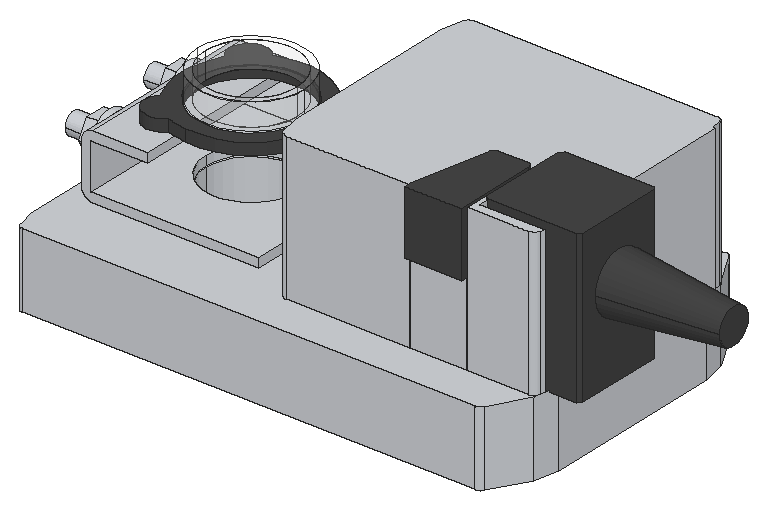
Revit family "ダンパ操作器_ver2019", category ダクト付属品, Revit 2019
Family settings
  丸型コネクタ寸法 = 直径を使用
  パーツ タイプ = アタッチ
  作業面ベース = いいえ
  常に垂直 = はい
  ロード時にボイドで切り取り = いいえ
  共有 = いいえ
Parameters
  直径 [instance] = 10 mm
  ダクトφ [instance] = 25.998 mm
Reference planes
  plane 1 "中心(正面/背面)": y = 0
  plane 2: z = 0
  plane 3 "中心(左/右)": x = 0
Forms (mm)
  Extrusion 1, solid
    sketch origin (0, 0, 0) x (1, 0, 0) y (0, 1, 0)
      loop
        line (99.773, 44.001) -> (-26.936, 44.001)
        arc (-26.936, 44.001) -> (-28.194, 43.556) -> (-28.892, 42.419) r 1.998
        line (-28.892, 42.419) -> (-30, 37.202) -> (-30, -37.198) -> (-28.892, -42.414)
        arc (-28.892, -42.414) -> (-28.428, -43.534) -> (-27.308, -43.998) r 1.584
        line (-27.308, -43.998) -> (99.693, -43.998)
        arc (99.693, -43.998) -> (100.892, -43.676) -> (101.771, -42.798) r 2.399
        line (101.771, -42.798) -> (107.554, -32.781) -> (109.005, -25.953) -> (109.005, 25.958) -> (107.554, 32.785) -> (101.771, 42.803)
        arc (101.771, 42.803) -> (100.927, 43.66) -> (99.773, 44.001) r 2.399
    from 0 to 21
  Extrusion 2, solid
    sketch origin (0, 250.898, 0) x (1, 0, 0) y (0, 1, 0)
      loop
        line (105.888, -217.394) -> (37.647, -217.394)
        arc (37.647, -217.394) -> (36.389, -217.839) -> (35.692, -218.977) r 1.999
        line (35.692, -218.977) -> (34.406, -225.023) -> (34.406, -275.754) -> (35.692, -281.8)
        arc (35.692, -281.8) -> (36.389, -282.938) -> (37.647, -283.383) r 1.999
        line (37.647, -283.383) -> (72.327, -283.383) -> (76.964, -261.569)
        arc (76.964, -261.569) -> (77.662, -260.433) -> (78.92, -259.988) r 2
        line (78.92, -259.988) -> (86.4, -259.988)
        arc (86.4, -259.988) -> (87.814, -260.574) -> (88.4, -261.988) r 2
        line (88.4, -261.988) -> (88.4, -283.383) -> (105.888, -283.383)
        arc (105.888, -283.383) -> (107.146, -282.938) -> (107.844, -281.8) r 1.999
        line (107.844, -281.8) -> (108.082, -280.681) -> (89.897, -280.681) -> (89.897, -251.681) -> (108.998, -251.681) -> (108.998, -222.079) -> (108.37, -221.451) -> (107.855, -218.975)
        arc (107.855, -218.975) -> (107.155, -217.832) -> (105.888, -217.394) r 1.986
    from 21 to 62
  Extrusion 3, solid, material "プラスチック"
    sketch origin (0, 250.898, 0) x (1, 0, 0) y (0, 1, 0)
      loop
        line (90.298, -278.688) -> (91.298, -279.688) -> (116.298, -279.688) -> (117.298, -278.689) -> (117.298, -253.688) -> (116.298, -252.688) -> (91.298, -252.688) -> (90.298, -253.688) -> (90.298, -278.688)
    from 21 to 63.4
  Blend 4, solid, material "プラスチック"
    base sketch origin (-132.702, 454.065, 0) x (0, 1, 0) y (0, 0, 1)
      loop
        circle (-469.356, 45.9) r 5
    top sketch origin (0, 454.065, 0) x (0, 1, 0) y (0, 0, 1)
      loop
        circle (-469.356, 45.9) r 8.433
    from 282.301 to 117.298
  Extrusion 5, solid, material "プラスチック"
    sketch origin (0, 250.898, 0) x (1, 0, 0) y (0, 1, 0)
      loop
        arc (78.92, -259.988) -> (77.662, -260.433) -> (76.964, -261.569) r 2
        line (76.964, -261.569) -> (72.4, -283.041) -> (72.4, -285.21) -> (88.4, -285.21) -> (88.4, -261.988)
        arc (88.4, -261.988) -> (87.814, -260.574) -> (86.4, -259.988) r 2
        line (86.4, -259.988) -> (78.92, -259.988)
    from 44.334 to 62.4
  Extrusion 6, solid
    sketch origin (0, 250.898, 0) x (1, 0, 0) y (0, 1, 0)
      loop
        arc (78.913, -259.888) -> (77.511, -260.293) -> (76.724, -261.522) r 2.071
        line (76.724, -261.522) -> (72.327, -283.383) -> (88.483, -283.383) -> (88.639, -261.988)
        arc (88.639, -261.988) -> (87.983, -260.405) -> (86.401, -259.75) r 2.238
        line (86.401, -259.75) -> (78.913, -259.888)
    from 21 to 44.334
  Extrusion 7, solid, material "プラスチック(クリア)"
    sketch origin (0, 2.375, 0) x (1, 0, 0) y (0, 1, 0)
      loop
        circle (0, 0) r 15
      loop
        circle (-0.001, 0) r 13
    from 42.9 to 50.45
  Extrusion 8, solid, material "プラスチック"
    sketch origin (0, 252.763, 0) x (1, 0, 0) y (0, 1, 0)
      loop
        arc (-8.884, -232.019) -> (-16.303, -231.549) -> (-16.755, -238.969) r 5.25
        line (-16.755, -238.969) -> (-18.506, -244.242)
        arc (-18.506, -244.242) -> (-19.126, -246.588) -> (-19.45, -248.992) r 19.5
        arc (-19.45, -248.992) -> (-19.349, -252.81) -> (-18.506, -256.535) r 19.5
        line (-18.506, -256.535) -> (-16.755, -261.807)
        arc (-16.755, -261.807) -> (-16.303, -269.228) -> (-8.884, -268.758) r 5.25
        line (-8.884, -268.758) -> (-2.944, -269.665)
        arc (-2.944, -269.665) -> (19.5, -250.388) -> (-2.944, -231.112) r 19.5
        line (-2.944, -231.112) -> (-8.884, -232.019)
      loop
        circle (0, -250.388) r 15.491
    from 39.5 to 42.9
  Extrusion 9, solid
    sketch origin (0, 0, 0) x (1, 0, 0) y (0, 0, 1)
      loop
        line (-6.5, 39.5) -> (-22, 39.5)
        arc (-22, 39.5) -> (-24.121, 38.621) -> (-25, 36.5) r 3
        line (-25, 36.5) -> (-25, 24.5)
        arc (-25, 24.5) -> (-24.121, 22.379) -> (-22, 21.5) r 3
        line (-22, 21.5) -> (24.765, 21.5) -> (24.765, 24) -> (-22.5, 24) -> (-22.5, 37) -> (-6.5, 37) -> (-6.5, 39.5)
    from -26.002 to 25.953
  Extrusion 10, solid
    sketch origin (0, 0, 0) x (0, 1, 0) y (0, 0, 1)
      loop
        circle (13.802, 31) r 7
      loop
        circle (13.802, 31) r 3
    from -27 to -25
  Extrusion 11, solid
    sketch origin (0, 0, 0) x (0, 1, 0) y (0, 0, 1)
      loop
        line (8.068, 31) -> (10.935, 26.035) -> (16.668, 26.035) -> (19.535, 31) -> (16.668, 35.965) -> (10.935, 35.965) -> (8.068, 31)
    from -27 to -31
  Extrusion 12, solid
    sketch origin (0, 0, 0) x (0, 1, 0) y (0, 0, 1)
      loop
        circle (13.802, 31) r 3
    from -31 to -37
  Extrusion 13, solid
    sketch origin (0, -27.6, 0) x (0, 1, 0) y (0, 0, 1)
      loop
        circle (13.802, 31) r 7
      loop
        circle (13.802, 31) r 3
    from -27 to -25
  Extrusion 14, solid
    sketch origin (0, -27.6, 0) x (0, 1, 0) y (0, 0, 1)
      loop
        line (8.068, 31) -> (10.935, 26.035) -> (16.668, 26.035) -> (19.535, 31) -> (16.668, 35.965) -> (10.935, 35.965) -> (8.068, 31)
    from -27 to -31
  Extrusion 15, solid
    sketch origin (0, -27.6, 0) x (0, 1, 0) y (0, 0, 1)
      loop
        circle (13.802, 31) r 3
    from -31 to -37
  Extrusion 16, void
    sketch origin (0, 0, 0) x (1, 0, 0) y (0, 1, 0)
      loop
        circle (-0.002, 2.375) r 12.999
    from 0 to 24
Cuts and joins
  Extrusion 16 cuts Extrusion 1
  Extrusion 16 cuts Extrusion 9
Dimensions and locks
  "直径": diameter of Blend 4 sketch curve
  "ダクトφ": diameter of Extrusion 16 sketch curve
  aligned and locked: level to plane 2
Automatic sketch dimensions
  Extrusion 1 sketch curve to plane 3 "中心(左/右)" = 30 mm
  Extrusion 1 sketch curve to Extrusion 1 sketch curve = 1.109 mm  (x2)
  Extrusion 1 sketch curve to Extrusion 1 sketch curve = 1.584 mm
  Extrusion 1 sketch curve to Extrusion 1 sketch curve = 1.954 mm
  Extrusion 1 sketch curve to Extrusion 1 sketch curve = 0.002 mm
  Extrusion 1 sketch curve to plane 1 "中心(正面/背面)" = 41.603 mm
  plane 3 "中心(左/右)" to Extrusion 1 sketch curve = 99.693 mm
  plane 1 "中心(正面/背面)" to Extrusion 1 sketch curve = 41.599 mm
  Extrusion 1 sketch curve to Extrusion 1 sketch curve = 0 mm
  Extrusion 1 sketch curve to Extrusion 1 sketch curve = 0.08 mm
  plane 1 "中心(正面/背面)" to Extrusion 1 sketch curve = 42.798 mm
  Extrusion 1 sketch curve to Extrusion 1 sketch curve = 2.078 mm
  Extrusion 1 sketch curve to plane 1 "中心(正面/背面)" = 42.803 mm
  Extrusion 1 sketch curve to Extrusion 1 sketch curve = 1.997 mm
  Extrusion 1 sketch curve to plane 1 "中心(正面/背面)" = 32.785 mm
  Extrusion 1 sketch curve to Extrusion 1 sketch curve = 5.783 mm  (x2)
  plane 1 "中心(正面/背面)" to Extrusion 1 sketch curve = 32.781 mm
  plane 1 "中心(正面/背面)" to Extrusion 1 sketch curve = 25.953 mm
  Extrusion 1 sketch curve to Extrusion 1 sketch curve = 1.451 mm
  Extrusion 1 sketch curve to Extrusion 1 sketch curve = 5.216 mm
  Extrusion 1 sketch curve to Extrusion 1 sketch curve = 6.828 mm
  Extrusion 1 sketch curve to Extrusion 1 sketch curve = 6.799 mm
  Extrusion 1 sketch curve to Extrusion 1 sketch curve = 1.998 mm
  plane 3 "中心(左/右)" to Extrusion 2 sketch curve = 34.406 mm
  Extrusion 2 sketch curve to Extrusion 2 sketch curve = 1.285 mm  (x2)
  Extrusion 2 sketch curve to Extrusion 2 sketch curve = 1.956 mm  (x3)
  plane 1 "中心(正面/背面)" to Extrusion 2 sketch curve = 32.485 mm
  Extrusion 2 sketch curve to Extrusion 2 sketch curve = 34.68 mm
  plane 1 "中心(正面/背面)" to Extrusion 2 sketch curve = 10.67 mm
  Extrusion 2 sketch curve to Extrusion 2 sketch curve = 4.637 mm
  Extrusion 2 sketch curve to Extrusion 2 sketch curve = 1.955 mm
  Extrusion 2 sketch curve to Extrusion 2 sketch curve = 7.48 mm
  Extrusion 2 sketch curve to Extrusion 2 sketch curve = 16.073 mm
  plane 1 "中心(正面/背面)" to Extrusion 2 sketch curve = 0.782 mm
  Extrusion 2 sketch curve to Extrusion 2 sketch curve = 3.497 mm
  Extrusion 2 sketch curve to Extrusion 2 sketch curve = 15.991 mm  (x2)
  Extrusion 2 sketch curve to Extrusion 2 sketch curve = 0.022 mm
  plane 1 "中心(正面/背面)" to Extrusion 2 sketch curve = 30.901 mm
  Extrusion 2 sketch curve to plane 1 "中心(正面/背面)" = 31.923 mm
  Extrusion 2 sketch curve to Extrusion 2 sketch curve = 1.944 mm
  Extrusion 2 sketch curve to Extrusion 2 sketch curve = 0.238 mm
  Extrusion 2 sketch curve to plane 1 "中心(正面/背面)" = 29.448 mm
  Extrusion 2 sketch curve to Extrusion 2 sketch curve = 0.515 mm
  Extrusion 2 sketch curve to Extrusion 2 sketch curve = 19.101 mm
  Extrusion 2 sketch curve to Extrusion 2 sketch curve = 0 mm
  Extrusion 2 sketch curve to Extrusion 2 sketch curve = 1.584 mm
  Extrusion 2 sketch curve to Extrusion 2 sketch curve = 1.119 mm
  Extrusion 2 sketch curve to Extrusion 2 sketch curve = 6.046 mm
  Extrusion 2 sketch curve to Extrusion 2 sketch curve = 10.308 mm
  Extrusion 2 sketch curve to plane 1 "中心(正面/背面)" = 25.875 mm
  Extrusion 2 sketch curve to Extrusion 2 sketch curve = 0.629 mm
  Extrusion 2 sketch curve to Extrusion 2 sketch curve = 5.63 mm
  Extrusion 2 sketch curve to Extrusion 2 sketch curve = 0.404 mm
  plane 1 "中心(正面/背面)" to Extrusion 3 sketch curve = 27.79 mm
  plane 3 "中心(左/右)" to Extrusion 3 sketch curve = 90.298 mm
  Extrusion 3 sketch curve to Extrusion 3 sketch curve = 1 mm  (x5)
  plane 1 "中心(正面/背面)" to Extrusion 3 sketch curve = 1.79 mm
  Extrusion 3 sketch curve to Extrusion 3 sketch curve = 24.999 mm  (x2)
  plane 1 "中心(正面/背面)" to Extrusion 3 sketch curve = 27.791 mm
  Extrusion 3 sketch curve to Extrusion 3 sketch curve = 0.999 mm
  plane 1 "中心(正面/背面)" to Blend 4 sketch curve = 15.29 mm  (x2)
  level to Blend 4 sketch curve = 45.9 mm  (x2)
  plane 1 "中心(正面/背面)" to Extrusion 5 sketch curve = 34.311 mm
  plane 3 "中心(左/右)" to Extrusion 5 sketch curve = 72.4 mm
  plane 1 "中心(正面/背面)" to Extrusion 5 sketch curve = 10.67 mm
  Extrusion 5 sketch curve to Extrusion 5 sketch curve = 4.564 mm
  Extrusion 5 sketch curve to Extrusion 5 sketch curve = 1.955 mm
  Extrusion 5 sketch curve to Extrusion 5 sketch curve = 7.48 mm
  Extrusion 5 sketch curve to Extrusion 5 sketch curve = 2 mm
  Extrusion 5 sketch curve to Extrusion 5 sketch curve = 0.42 mm
  Extrusion 5 sketch curve to Extrusion 5 sketch curve = 2.169 mm
  plane 1 "中心(正面/背面)" to Extrusion 6 sketch curve = 32.485 mm
  plane 3 "中心(左/右)" to Extrusion 6 sketch curve = 72.327 mm
  plane 1 "中心(正面/背面)" to Extrusion 6 sketch curve = 10.624 mm
  Extrusion 6 sketch curve to Extrusion 6 sketch curve = 4.397 mm
  Extrusion 6 sketch curve to Extrusion 6 sketch curve = 2.026 mm
  plane 1 "中心(正面/背面)" to Extrusion 6 sketch curve = 8.99 mm
  Extrusion 6 sketch curve to Extrusion 6 sketch curve = 0.163 mm
  plane 1 "中心(正面/背面)" to Extrusion 6 sketch curve = 8.851 mm
  Extrusion 6 sketch curve to Extrusion 6 sketch curve = 7.488 mm
  Extrusion 6 sketch curve to Extrusion 6 sketch curve = 16.155 mm
  plane 1 "中心(正面/背面)" to Extrusion 6 sketch curve = 11.089 mm
  Extrusion 7 sketch curve to plane 3 "中心(左/右)" = 0 mm
  Extrusion 7 sketch curve to plane 3 "中心(左/右)" = 0.001 mm
  Extrusion 7 sketch curve to plane 1 "中心(正面/背面)" = 2.375 mm
  Extrusion 7 sketch curve to Extrusion 7 sketch curve = 0 mm
  Extrusion 8 sketch curve to Extrusion 8 sketch curve = 0 mm  (x14)
  Extrusion 8 sketch curve to plane 3 "中心(左/右)" = 16.755 mm  (x2)
  Extrusion 8 sketch curve to Extrusion 8 sketch curve = 3.927 mm  (x2)
  Extrusion 8 sketch curve to Extrusion 8 sketch curve = 3.944 mm  (x2)
  Extrusion 8 sketch curve to plane 3 "中心(左/右)" = 2.944 mm  (x2)
  plane 3 "中心(左/右)" to Extrusion 8 sketch curve = 0 mm
  plane 1 "中心(正面/背面)" to Extrusion 8 sketch curve = 16.901 mm
  Extrusion 8 sketch curve to Extrusion 8 sketch curve = 0.907 mm
  Extrusion 8 sketch curve to Extrusion 8 sketch curve = 3.465 mm
  Extrusion 8 sketch curve to plane 1 "中心(正面/背面)" = 2.375 mm
  Extrusion 8 sketch curve to plane 1 "中心(正面/背面)" = 13.794 mm
  Extrusion 8 sketch curve to Extrusion 8 sketch curve = 3.485 mm
  Extrusion 8 sketch curve to Extrusion 8 sketch curve = 1.751 mm  (x2)
  plane 1 "中心(正面/背面)" to Extrusion 8 sketch curve = 3.771 mm
  Extrusion 8 sketch curve to plane 1 "中心(正面/背面)" = 8.521 mm
  Extrusion 8 sketch curve to plane 1 "中心(正面/背面)" = 3.771 mm
  Extrusion 8 sketch curve to Extrusion 8 sketch curve = 0.944 mm
  Extrusion 9 sketch curve to plane 3 "中心(左/右)" = 25 mm
  Extrusion 9 sketch curve to Extrusion 9 sketch curve = 2.5 mm  (x3)
  Extrusion 9 sketch curve to Extrusion 9 sketch curve = 0.5 mm  (x2)
  Extrusion 9 sketch curve to plane 3 "中心(左/右)" = 6.5 mm
  plane 3 "中心(左/右)" to Extrusion 9 sketch curve = 24.765 mm
  level to Extrusion 9 sketch curve = 21.5 mm
  Extrusion 9 sketch curve to Extrusion 9 sketch curve = 12 mm
  Extrusion 10 sketch curve to Extrusion 10 sketch curve = 0 mm  (x2)
  Extrusion 10 sketch curve to plane 1 "中心(正面/背面)" = 13.802 mm
  level to Extrusion 10 sketch curve = 31 mm
  Extrusion 11 sketch curve to plane 1 "中心(正面/背面)" = 8.068 mm
  Extrusion 11 sketch curve to Extrusion 11 sketch curve = 2.867 mm  (x3)
  Extrusion 11 sketch curve to Extrusion 11 sketch curve = 5.733 mm  (x2)
  level to Extrusion 11 sketch curve = 26.035 mm
  Extrusion 11 sketch curve to Extrusion 11 sketch curve = 4.965 mm  (x3)
  Extrusion 12 sketch curve to Extrusion 12 sketch curve = 0 mm  (x2)
  Extrusion 12 sketch curve to plane 1 "中心(正面/背面)" = 13.802 mm
  level to Extrusion 12 sketch curve = 31 mm
  Extrusion 12 sketch curve to Extrusion 12 sketch curve = 3 mm
  Extrusion 13 sketch curve to Extrusion 13 sketch curve = 0 mm  (x2)
  plane 1 "中心(正面/背面)" to Extrusion 13 sketch curve = 13.798 mm
  level to Extrusion 13 sketch curve = 31 mm
  plane 1 "中心(正面/背面)" to Extrusion 14 sketch curve = 19.532 mm
  Extrusion 14 sketch curve to Extrusion 14 sketch curve = 2.867 mm  (x3)
  Extrusion 14 sketch curve to Extrusion 14 sketch curve = 5.733 mm  (x2)
  level to Extrusion 14 sketch curve = 26.035 mm
  Extrusion 14 sketch curve to Extrusion 14 sketch curve = 4.965 mm  (x3)
  Extrusion 15 sketch curve to Extrusion 15 sketch curve = 0 mm  (x2)
  plane 1 "中心(正面/背面)" to Extrusion 15 sketch curve = 13.798 mm
  level to Extrusion 15 sketch curve = 31 mm
  Extrusion 15 sketch curve to Extrusion 15 sketch curve = 3 mm
  Extrusion 16 sketch curve to plane 3 "中心(左/右)" = 0.002 mm
  Extrusion 16 sketch curve to plane 1 "中心(正面/背面)" = 2.375 mm
  radius of Blend 4 sketch curve = 8.433 mm
  radius of Extrusion 7 sketch curve = 15 mm
  radius of Extrusion 7 sketch curve = 13 mm
  radius of Extrusion 8 sketch curve = 15.491 mm
  radius of Extrusion 10 sketch curve = 7 mm
  radius of Extrusion 10 sketch curve = 3 mm
  radius of Extrusion 13 sketch curve = 7 mm
  radius of Extrusion 13 sketch curve = 3 mm
Connectors
  cabletrayconduit at (149.598, -15.29, 45.9), diameter 10, driven by "直径"
    settings: on Blend 4, index 1, connector width 300 mm, connector height 300 mm, connector angle 0.00°, system type 32, placement type 0, profile type 0, connector reference index -1, is primary connector yes, connector utility param no, connector description ""
  electrical at (47.436, 0.002, 21)
    settings: on Extrusion 1, index 2, voltage 0 V, apparent load 0 VA, apparent load phase1 0 VA, apparent load phase2 0 VA, apparent load phase3 0 VA, power factor 1, load classification "その他", number of poles 1, system type 14, power factor state 1, is connector primary yes, connector utility no, sub classification motor no, connector description ""
  hvac at (-0.002, 2.375, 24), driven by "ダクトφ"
    settings: on cut or joined group of Extrusion 9, Extrusion 16, index 3, duct flow 0.0 L/s, flow factor 0, pres drop 0.0 Pa, loss coef 0, conn angle 0.00°, conn width 304.8 mm, conn height 304.8 mm, conn diameter 25.998 mm, duct sys type 29, conn prof type 0, flow config 0, flow direction 0, loss method 0, conn ref index -1, conn util no, is conn primary yes, conn desc ""
